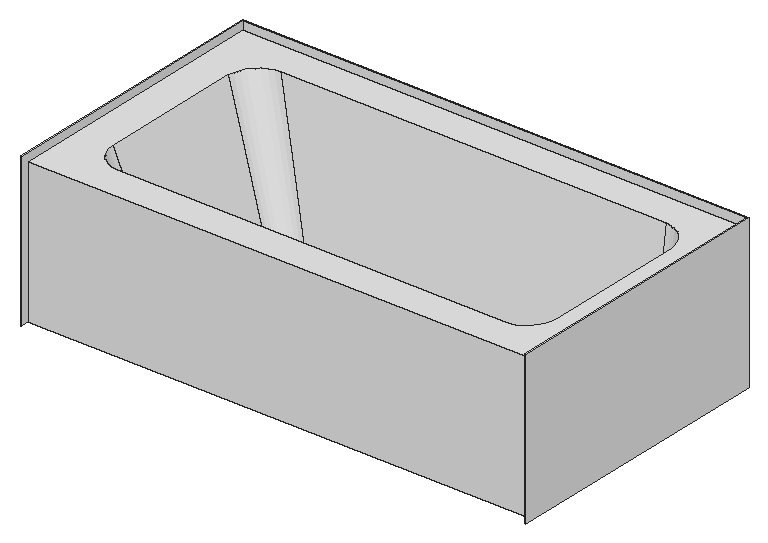
Revit family "T6032.V2", category Plumbing Fixtures, Revit 2017
Family settings
  Round Connector Dimension = Use Diameter
  Part Type = Normal
  OmniClass Number = 23.45.05.14.17
  OmniClass Title = Showers
  Work Plane-Based = No
  Always vertical = Yes
  Cut with Voids When Loaded = No
  Shared = No
  Room Calculation Point = No
Parameters (values of type "T6032P11")
  Unit Width = 60"
  Unit Height = 18"
  Unit Depth = 33"
  URL = "http://www.best-bath.com"
  Type Comments = "Remodeler"
  Model = "T6032P11"
  Material [instance] = Best Bath Gelcoat Fiberglass - Smooth
  Manufacturer = "Best Bath Systems, Inc."
  Keynote = "22 40 00.D2"
  Description = "Smooth Wall Finish, Pediatric Bathtub"
  Bowl Min Width = 20"
  Bowl Max Width = 24 1/4"
  Assembly Code = "D2010510"
Types (2): name | Bowl Min Width
  (no name) | 21 1/8"
  T6032P11 | 20"
Reference planes (in)
  plane 1 "Back": y = 0
  plane 2: z = 0.25
  plane 3 "Left": x = 0
  plane 4: x = 60
  plane 5: y = -32
  plane 6: z = 18.25
  plane 7: x = 52
  plane 8: z = 17.25
  plane 9: y = -16
  plane 10: y = -1.25
  plane 11: x = 10
  plane 12: x = 55.5
  plane 13: y = -6.5
  plane 14: y = -26
  plane 15: y = -4
  plane 16: y = -28.25
  plane 17: x = 4
  plane 18: x = 57
  plane 19: y = -33
Forms (in)
  Extrusion 1, solid, material "Best Bath Gelcoat Fiberglass - Smooth"
    sketch origin (0, 0, 0.25) x (1, 0, 0) y (0, 1, 0)
      loop
        line (0, -32) -> (60, -32) -> (60, 0) -> (0, 0) -> (0, -32)
      loop
        circle (52, -16) r 1.5
    from 0 to 17
  Blend 2, void
    base sketch origin (0, -2.125, 0.25) x (1, 0, 0) y (0, 1, 0)
      loop
        arc (12.5, -4.375) -> (10.73223, -5.10723) -> (10, -6.875) r 2.5
        line (10, -6.875) -> (10, -21.375)
        arc (10, -21.375) -> (10.73223, -23.14277) -> (12.5, -23.875) r 2.5
        line (12.5, -23.875) -> (53.5, -23.875)
        arc (53.5, -23.875) -> (54.91421, -23.28921) -> (55.5, -21.875) r 2
        line (55.5, -21.875) -> (55.5, -6.375)
        arc (55.5, -6.375) -> (54.91421, -4.96079) -> (53.5, -4.375) r 2
        line (53.5, -4.375) -> (12.5, -4.375)
    top sketch origin (0, -2.125, 0.25) x (1, 0, 0) y (0, 1, 0)
      loop
        arc (7.5, -1.875) -> (5.02513, -2.90013) -> (4, -5.375) r 3.5
        line (4, -5.375) -> (4, -22.625)
        arc (4, -22.625) -> (5.02513, -25.09987) -> (7.5, -26.125) r 3.5
        line (7.5, -26.125) -> (53.5, -26.125)
        arc (53.5, -26.125) -> (55.97487, -25.09987) -> (57, -22.625) r 3.5
        line (57, -22.625) -> (57, -5.375)
        arc (57, -5.375) -> (55.97487, -2.90013) -> (53.5, -1.875) r 3.5
        line (53.5, -1.875) -> (7.5, -1.875)
    from 1 to 18
  Extrusion 3, solid, material "Best Bath Gelcoat Fiberglass - Smooth"
    sketch origin (0, 0, 0.25) x (1, 0, 0) y (0, 1, 0)
      loop
        line (0, -33) -> (0.125, -33) -> (0.125, -0.125) -> (59.875, -0.125) -> (59.875, -33) -> (60, -33) -> (60, 0) -> (0, 0) -> (0, -33)
    from 0 to 18
Cuts and joins
  Blend 2 cuts Extrusion 1
  joined: Extrusion 1, Extrusion 3
Dimensions and locks (in)
  "Unit Width": plane 3 "Left" to plane 4
  "Unit Height": plane 6 to level
  plane 3 "Left" to plane 7 to plane 4 = 52", 8"
  plane 9 to plane 1 "Back" = 16"
  locked: plane 12 to plane 4 at 4.5
  plane 14 to plane 5 = 6"
  locked: plane 3 "Left" to plane 11 at 10
  plane 15 to plane 1 "Back" = 4"
  plane 16 to plane 5 = 3 3/4"
  locked: plane 18 to plane 4 at 3
  locked: plane 3 "Left" to plane 17 at 4
  plane 8 to level = 17"
  locked: plane 10 to plane 1 "Back" at 1.25
  plane 6 to plane 8 = 1"
  locked: plane 5 to plane 19 at 1
  "Unit Depth": plane 19 to plane 1 "Back"
  cut or joined group of Extrusion 1, Blend 2, Extrusion 3 to cut or joined group of Extrusion 1, Blend 2, Extrusion 3 = 23.97059"
  cut or joined group of Extrusion 1, Blend 2, Extrusion 3 to cut or joined group of Extrusion 1, Blend 2, Extrusion 3 = 19 1/2"
  radius of Blend 2 sketch curve = 2"  (x2)
  radius of Blend 2 sketch curve = 2 1/2"  (x2)
  radius of Blend 2 sketch curve = 3 1/2"  (x4)
  aligned and locked: level to plane 2
  aligned and locked: Extrusion 1 sketch curve to plane 1 "Back"
  aligned and locked: plane 9 to Extrusion 1 sketch curve
  aligned and locked: plane 7 to Extrusion 1 sketch curve
  aligned and locked: plane 14 to Blend 2 sketch curve
  aligned and locked: Blend 2 sketch curve to plane 13
  aligned and locked: Blend 2 sketch curve to plane 12
  aligned and locked: plane 11 to Blend 2 sketch curve
  aligned and locked: plane 17 to Blend 2 sketch curve
  aligned and locked: Blend 2 sketch curve to plane 18
  aligned and locked: plane 16 to Blend 2 sketch curve
  aligned and locked: Blend 2 sketch curve to plane 15
  aligned and locked: plane 8 to cut or joined group of Extrusion 1, Blend 2, Extrusion 3
  aligned and locked: cut or joined group of Extrusion 1, Blend 2, Extrusion 3 to plane 8
  aligned and locked: plane 6 to Extrusion 3
Automatic sketch dimensions
  Blend 2 sketch curve to plane 13 = 0"
  Extrusion 1 sketch curve to plane 3 "Left" = 0"
  Extrusion 1 sketch curve to plane 4 = 0"
  Extrusion 1 sketch curve to plane 5 = 0"
  plane 1 "Back" to Extrusion 3 sketch curve = 0"
  Extrusion 3 sketch curve to plane 3 "Left" = 0"
  Extrusion 3 sketch curve to plane 19 = 0"  (x2)
  Extrusion 3 sketch curve to plane 4 = 0"
  plane 3 "Left" to Extrusion 3 sketch curve = 1/8"
  Extrusion 3 sketch curve to Extrusion 3 sketch curve = 1/8"
  plane 1 "Back" to Extrusion 3 sketch curve = 1/8"
  radius of Extrusion 1 sketch curve = 1 1/2"
